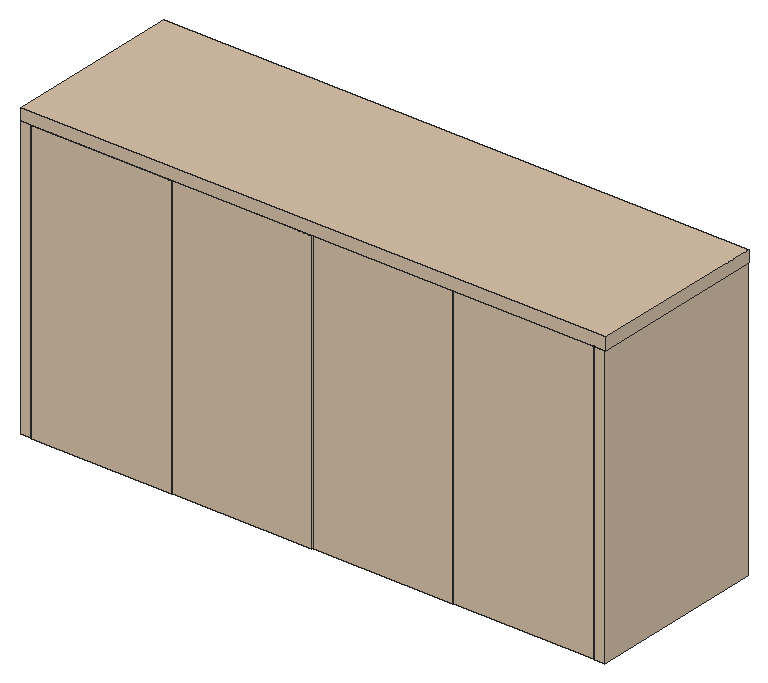
Revit family "Haworth_Executive_Credenza", category Furniture Systems, Revit 2018
Family settings
  Round Connector Dimension = Use Diameter
  Part Type = Normal
  OmniClass Number = 23.40.70.14.64.21
  OmniClass Title = Systems Furniture
  Work Plane-Based = No
  Always vertical = Yes
  Cut with Voids When Loaded = No
  Shared = No
  Room Calculation Point = No
Parameters (values of type "22d 72w")
  Warranty = "http://www.haworth.com/resources/product-info/warranties"
  URL - Product = "http://www.haworth.com/products/tables/conference/wood-conference"
  Top Thickness = 1 1/2"  # constant formula
  Top Finish = Haworth _ Wood _ White Oak
  Top Edge Finish = Haworth _ Wood _ White Oak
  Sustainability Info = "http://www.haworth.com/company-info/sustainablility"
  Support Thickness = 1 1/4"  # constant formula
  Support Finish = Haworth _ Wood _ White Oak
  Standard Width = "72 in."  # constant formula
  Size = "Verify Final Dim. w/ Haworth"  # constant formula
  Model = "Haworth - Executive Credenza"  # constant formula
  URL = "http://haworth.com/"
  Revision Number = "2"  # constant formula
  Manufacturer = "Haworth"  # constant formula
  Door Spacing = Actual Width / 4  # 18"
  Door Offset = 1/16"  # constant formula
  Door Finish = Haworth _ Wood _ White Oak
  Description = "Haworth - Executive Credenza"  # constant formula
  Author = "Haworth (Hampton)"  # constant formula
  Assembly Code = "E2020200"
  Actual Width = 72"  # constant formula
  Actual Height = 36"  # constant formula
  Standard Depth = "22 in."  # constant formula
  Actual Depth = 22"  # constant formula
Reference planes (in)
  plane 1 "Center F/B": y = -0.15866
  plane 2 "Floor": z = 0
  plane 3 "Center L/R": x = 0
  plane 4 "Table Edge Left": x = -36
  plane 5 "Table Edge Right": x = 36
  plane 6 "Table Edge Back": y = -11.15866
  plane 7 "Table Edge Front": y = 10.84134
  plane 8 "Table Bottom": z = 36
  plane 9 "Table Top Bottom": z = 34.5
  plane 10 "Leg Outside Left": x = -17.3125
  plane 11 "Leg Outside Right": x = 17.3125
  plane 12 "Left Support In": x = -34.75
  plane 13 "Right Support In": x = 34.75
  plane 14 "Door 1": x = -17.375
  plane 15 "Door 2": x = -17.25
  plane 16 "Door 3": x = -0.0625
  plane 17 "Door 4": x = 0.0625
  plane 18 "Door 5": x = 17.25
  plane 19 "Door 6": x = 17.375
  plane 20 "Door Back": y = -9.90866
  plane 21 "Support Back In": y = 9.59134
  plane 22 "Door 7": x = -34.625
  plane 23 "Door 8": x = 34.625
Forms (in)
  Extrusion 1, solid, material "Haworth _ Wood _ White Oak" <- "Top Finish"
    sketch origin (0, 0, 0) x (1, 0, 0) y (0, 1, 0)
      loop
        line (-36, 10.84134) -> (-36, -11.15866) -> (36, -11.15866) -> (36, 10.84134) -> (-36, 10.84134)
    from 34.5 to 36
  Extrusion 2, solid, material "Haworth _ Wood _ White Oak" <- "Support Finish"
    sketch origin (0, 0, 0) x (1, 0, 0) y (0, 1, 0)
      loop
        line (-36, 10.84134) -> (-36, -11.15866) -> (-34.75, -11.15866) -> (-34.75, 10.84134) -> (-36, 10.84134)
      loop
        line (36, 10.84134) -> (34.75, 10.84134) -> (34.75, -11.15866) -> (36, -11.15866) -> (36, 10.84134)
    from 0 to 34.5
  Extrusion 3, solid, material "Haworth _ Wood _ White Oak" <- "Support Finish"
    sketch origin (0, 0, 0) x (1, 0, 0) y (0, 1, 0)
      loop
        line (-34.75, 10.84134) -> (-34.75, -9.90866) -> (34.75, -9.90866) -> (34.75, 10.84134) -> (-34.75, 10.84134)
    from 0 to 34.5
  Extrusion 4, solid, material "Haworth _ Wood _ White Oak" <- "Door Finish"
    sketch origin (0, 0, 0) x (1, 0, 0) y (0, 1, 0)
      loop
        line (-34.625, -9.90866) -> (-34.625, -11.15866) -> (-17.375, -11.15866) -> (-17.375, -9.90866) -> (-34.625, -9.90866)
      loop
        line (-17.25, -9.90866) -> (-17.25, -11.15866) -> (-0.0625, -11.15866) -> (-0.0625, -9.90866) -> (-17.25, -9.90866)
      loop
        line (0.0625, -9.90866) -> (0.0625, -11.15866) -> (17.25, -11.15866) -> (17.25, -9.90866) -> (0.0625, -9.90866)
      loop
        line (17.375, -9.90866) -> (17.375, -11.15866) -> (34.625, -11.15866) -> (34.625, -9.90866) -> (17.375, -9.90866)
    from 0 to 34.5
Lines and regions (in)
  Masking region 1
    outline origin (0, 0, 25.33203) x (0, -1, 0) y (1, 0, 0)
      loop
        line (-13.84134, -36) -> (11.15866, -36) -> (11.15866, 36) -> (-13.84134, 36) -> (-13.84134, -36)
Dimensions and locks (in)
  "Actual Depth": plane 7 "Table Edge Front" to plane 6 "Table Edge Back"
  "Actual Width": plane 4 "Table Edge Left" to plane 5 "Table Edge Right"
  equal spacing: plane 7 "Table Edge Front", plane 1 "Center F/B", plane 6 "Table Edge Back"
  "Actual Height": plane 8 "Table Bottom" to level
  "Top Thickness": plane 8 "Table Bottom" to plane 9 "Table Top Bottom"
  "Support Thickness": plane 4 "Table Edge Left" to plane 12 "Left Support In"
  "Support Thickness": plane 13 "Right Support In" to plane 5 "Table Edge Right"
  "Support Thickness": plane 7 "Table Edge Front" to plane 21 "Support Back In"
  "Support Thickness": plane 20 "Door Back" to plane 6 "Table Edge Back"
  equal spacing: plane 22 "Door 7", plane 10 "Leg Outside Left", plane 3 "Center L/R", plane 11 "Leg Outside Right", plane 23 "Door 8"
  aligned and locked: Extrusion 1 sketch curve to plane 7 "Table Edge Front"
  aligned and locked: plane 4 "Table Edge Left" to Extrusion 1 sketch curve
  aligned and locked: plane 6 "Table Edge Back" to Extrusion 1 sketch curve
  aligned and locked: Extrusion 1 sketch curve to plane 5 "Table Edge Right"
  aligned and locked: Extrusion 1 to plane 8 "Table Bottom"
  aligned and locked: Extrusion 1 to plane 9 "Table Top Bottom"
  aligned and locked: plane 9 "Table Top Bottom" to Extrusion 4
  aligned and locked: Extrusion 4 to plane 2 "Floor"
  aligned and locked: plane 22 "Door 7" to Extrusion 4
  aligned and locked: plane 23 "Door 8" to Extrusion 4
  aligned and locked: plane 14 "Door 1" to Extrusion 4
  aligned and locked: plane 15 "Door 2" to Extrusion 4
  aligned and locked: plane 16 "Door 3" to Extrusion 4
  aligned and locked: plane 17 "Door 4" to Extrusion 4
  aligned and locked: plane 18 "Door 5" to Extrusion 4
  aligned and locked: plane 19 "Door 6" to Extrusion 4
  aligned and locked: Extrusion 3 to plane 20 "Door Back"
  aligned and locked: plane 20 "Door Back" to Extrusion 4  (x4)
  aligned and locked: Extrusion 4 to plane 6 "Table Edge Back"  (x4)
  aligned and locked: Extrusion 2 to plane 6 "Table Edge Back"  (x2)
  aligned and locked: plane 7 "Table Edge Front" to Extrusion 3
  aligned and locked: plane 7 "Table Edge Front" to Extrusion 2  (x2)
  aligned and locked: plane 13 "Right Support In" to Extrusion 2
  aligned and locked: Extrusion 3 to plane 13 "Right Support In"
  aligned and locked: plane 9 "Table Top Bottom" to Extrusion 3
  aligned and locked: plane 12 "Left Support In" to Extrusion 2
  aligned and locked: Extrusion 3 to plane 12 "Left Support In"
  aligned and locked: Extrusion 3 to plane 2 "Floor"
Automatic sketch dimensions
  Extrusion 2 sketch curve to plane 4 "Table Edge Left" = 0"
  Extrusion 2 sketch curve to plane 6 "Table Edge Back" = 0"  (x2)
  Extrusion 2 sketch curve to plane 12 "Left Support In" = 0"
  Extrusion 2 sketch curve to plane 13 "Right Support In" = 0"
  Extrusion 2 sketch curve to plane 5 "Table Edge Right" = 0"
  plane 7 "Table Edge Front" to Extrusion 2 sketch curve = 0"  (x2)
  Extrusion 3 sketch curve to plane 12 "Left Support In" = 0"
  Extrusion 3 sketch curve to plane 13 "Right Support In" = 0"
  Extrusion 3 sketch curve to plane 21 "Support Back In" = 19 1/2"
  plane 7 "Table Edge Front" to Extrusion 3 sketch curve = 0"
  Extrusion 4 sketch curve to plane 6 "Table Edge Back" = 0"  (x4)
  Extrusion 4 sketch curve to plane 22 "Door 7" = 0"
  Extrusion 4 sketch curve to plane 14 "Door 1" = 0"
  Extrusion 4 sketch curve to plane 15 "Door 2" = 0"
  Extrusion 4 sketch curve to plane 16 "Door 3" = 0"
  Extrusion 4 sketch curve to plane 17 "Door 4" = 0"
  Extrusion 4 sketch curve to plane 18 "Door 5" = 0"
  Extrusion 4 sketch curve to plane 19 "Door 6" = 0"
  plane 20 "Door Back" to Extrusion 4 sketch curve = 0"  (x4)
  Extrusion 4 sketch curve to plane 23 "Door 8" = 0"
  Masking region 1 sketch curve to plane 5 "Table Edge Right" = 0"
  Masking region 1 sketch curve to plane 4 "Table Edge Left" = 0"
  Masking region 1 sketch curve to plane 6 "Table Edge Back" = 0"
  plane 7 "Table Edge Front" to Masking region 1 sketch curve = 3"
